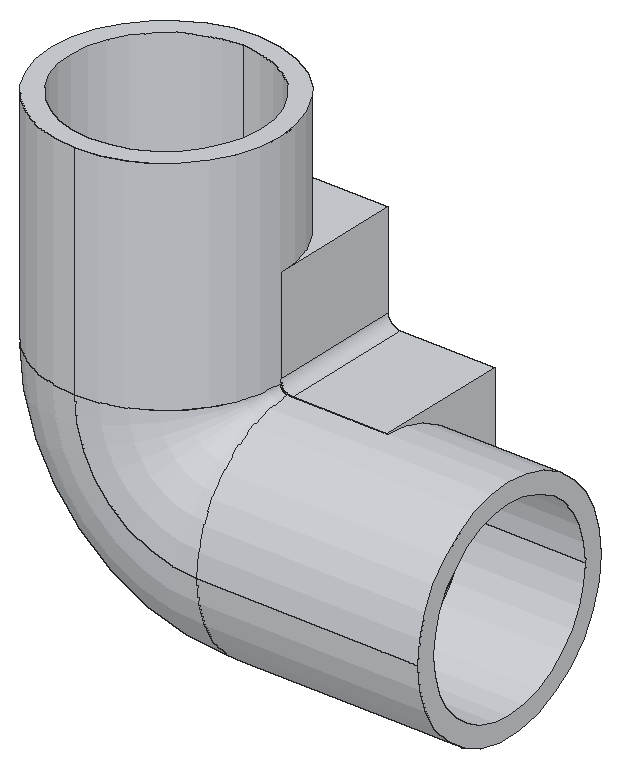
Revit family "PIE25B", category Generic Models, Revit 2017
Family settings
  Can host rebar = No
  Round Connector Dimension = Use Diameter
  Part Type = Normal
  Work Plane-Based = Yes
  Always vertical = No
  Cut with Voids When Loaded = No
  Shared = No
  Room Calculation Point = No
Parameters (values of type "NBS Standard Parameters")
  Weight = "0.046Kg"
  WarrantyStartDate [instance] = "1900-12-31T23:59:59"
  WarrantyGuarantorParts = "n/a"
  WarrantyGuarantorLabor = "n/a"
  WarrantyDurationUnit = "1 year"
  WarrantyDurationParts = "n/a"
  WarrantyDurationLabor = "n/a"
  WarrantyDescription = "n/a"
  Version = "1"
  Uniclass2 = "Pr_65_70_11_20"
  TagNumber [instance] = "n/a"
  SustainabilityPerformance = "n/a"
  Size = "25mm"
  Shape = "n/a"
  SerialNumber [instance] = "n/a"
  Revision = "n/a"
  ReplacementCost = "n/a"
  ProductInformation = "www.metpro.co.uk/pdf/pie25w.pdf"
  NominalWidth = 62.5 mm
  NominalLength = 62.5 mm
  NominalHeight = 32 mm
  Name = ""
  NBSTypeID = ""
  NBSReference = "90-55-10/460"
  NBSOfficeMasterTag = ""
  NBSNote = ""
  NBSDescription = "Conduit Fittings"
  NBSCertification = ""
  ModelReference = "PIE25B"
  ModelNumber = "n/a"
  Material = "PVC"
  ManufacturerURL = "www.metpro.co.uk"
  ManufacturerName = "Metpro Ltd"
  Keynote = "Manufactured to BS4607 Part 1"
  InstallationDate [instance] = "1900-12-31T23:59:59"
  IfcExportType = ""
  IfcExportAs = ""
  Grade = "n/a"
  Finish = "Black"
  Features = "n/a"
  ExpectedLife = "n/a"
  DurationUnit = "year"
  Description = "PIE25B -  PVC 25mm Conduit Inspection Elbow"
  Default Elevation = 1219.2 mm
  Constituents = "n/a"
  Color = "n/a"
  CodePerformance = "n/a"
  Category = "n/a"
  BarCode [instance] = "n/a"
  BIMObjectName = "Metpro_Metprolibrary_Conduitfittings_pvccomponents_accessory"
  Author = "Metpro Ltd"
  AssetType = ""
  AssetIdentifier [instance] = "n/a"
  AccessibilityPerformance = "n/a"
Reference planes
  plane 1 "Center (Front/Back)": y = 0
  plane 2: z = 0
  plane 3 "Center (Left/Right)": x = 0
Forms (mm)
  Sweep 1, solid
    path origin (-62.284, 206.542, 33.272) x (1, 0, 0) y (0, 0, 1)
      loop
        line (17.245, 10.728) -> (-11.755, 10.728)
        arc (-11.755, 10.728) -> (-23.069, 15.414) -> (-27.755, 26.728) r 16
        line (-27.755, 26.728) -> (-27.755, 55.728)
    profile origin (-59.539, 206.542, 44) x (0, 0, -1) y (0, -1, 0)
      loop
        circle (0, 0) r 12.5
      loop
        circle (0, 0) r 15
  Extrusion 2, solid
    sketch origin (-62.284, 206.542, 33.272) x (1, 0, 0) y (0, 0, 1)
      loop
        line (1.245, -4.272) -> (1.245, 25.728) -> (-11.144, 25.728)
        arc (-11.144, 25.728) -> (-12.283, 26.199) -> (-12.755, 27.338) r 1.611
        line (-12.755, 27.338) -> (-12.755, 39.728) -> (-42.755, 39.728) -> (-42.755, 25.728)
        arc (-42.755, 25.728) -> (-33.968, 4.514) -> (-12.755, -4.272) r 30
        line (-12.755, -4.272) -> (1.245, -4.272)
    from 0 to -17.612
  Sweep 3, void
    path origin (-62.284, 206.542, 33.272) x (1, 0, 0) y (0, 0, 1)
      loop
        line (-27.755, 55.728) -> (-27.755, 26.728)
        arc (-27.755, 26.728) -> (-23.069, 15.414) -> (-11.755, 10.728) r 16
        line (-11.755, 10.728) -> (19.691, 10.728)
    profile origin (-90.039, 206.542, 74.5) x (0, -1, 0) y (1, 0, 0)
      loop
        circle (0, 0) r 12.5
  Extrusion 4, solid
    sketch origin (-62.284, 224.154, 33.272) x (-1, 0, 0) y (0, 0, 1)
      loop
        circle (39.675, 37.065) r 1.654
      loop
        circle (2.335, -1.612) r 2.212
    from 0 to 1.2
  Extrusion 5, void
    sketch origin (-62.284, 224.154, 33.272) x (1, 0, 0) y (0, 0, 1)
      loop
        line (-37.233, 37.473) -> (-42.233, 37.473) -> (-42.233, 36.473) -> (-37.233, 36.473) -> (-37.233, 37.473)
      loop
        line (-1.677, 1.269) -> (-2.844, 1.269) -> (-2.844, -5.591) -> (-1.677, -5.591) -> (-1.677, 1.269)
    from -0.81 to -5
Cuts and joins
  Sweep 3, Extrusion 5 cuts Sweep 1
  Sweep 3, Extrusion 5 cuts Extrusion 2
  Extrusion 5 cuts Extrusion 4
Dimensions and locks
  aligned and locked: level to plane 2
